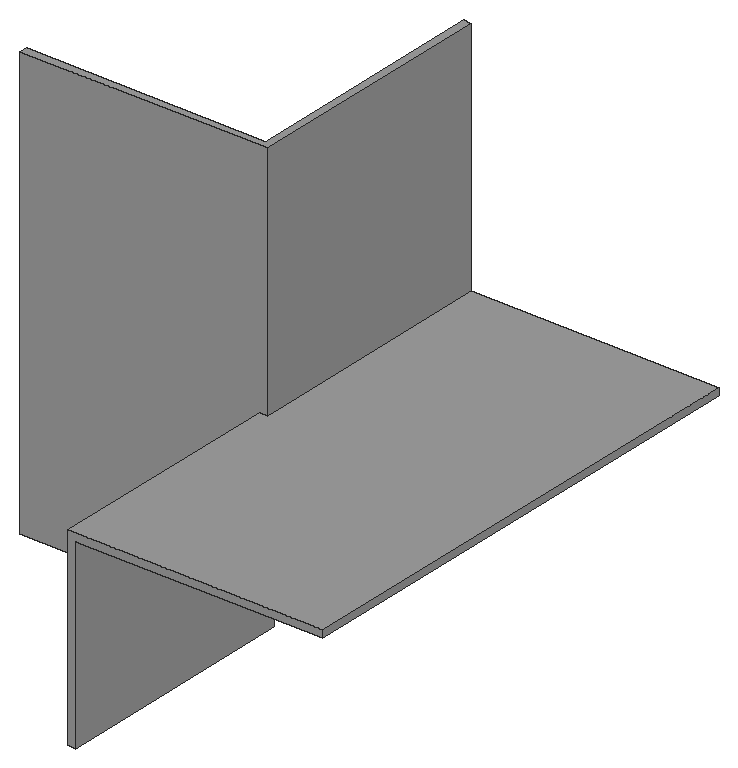
Revit family "Flashing_Preformed_Hyload_Type-WL1", category Generic Models, Revit 2013
Parameters (values of type "As Specified")
  Upper Height = 0' - 4"
  Unit Width = 1' - 0"
  Unit Height = 0' - 2"
  Unit Depth = 0' - 4"
  URL = "http://www.hyload.com/"
  Thickness = 0' - 0 1/16"
  Specification = "http://www.arcat.com/sdspecs/htm04/07_65_00hyl.htm"
  Sales Information = "http://www.hyload.com/contact-us"
  Revision = "R1_12-2015"
  Product Properties = "http://www.hyload.com/masonry-flashing/preformed-shapes/"
  Product Data = "http://www.arcat.com/arcatcos/cos33/arc33176.html"
  Model = "Type WL1"
  Manufacturer Website = "http://www.hyload.com/"
  Manufacturer Phone - Toll Free = "800-457-4056"
  Manufacturer Phone = "330-769-3546"
  Manufacturer Fax = "330-769-4153"
  Manufacturer Address = "5020 Panther Pkwy., Seville, OH 44273"
  Manufacturer = "Hyload"
  Lower Height = 0' - 1 1/2"
  Keynote = "07 65 00"
  Flashing Material = Hyload Flashing Membrane - Grey
  Drawn By = "Robert S. Weygant / Sumex Design"
  Description = "Preformed Hyload Masonry Flashing - Type WL1"
  Copyright = "(c) ARCAT, Inc, 2015"
  Construction Details = "http://www.arcat.com/details/hyload/hyload.html?coid=33176"
  Assembly Code = "B3010400"
Reference planes (in)
  plane 1 "Center (Front/Back)": y = 0
  plane 2: z = 0
  plane 3 "Center (Left/Right)": x = 0
  plane 4 "Back": y = 2
  plane 5: x = 2
  plane 6 "WinPlane": z = -1.5
  plane 7: x = 22
  plane 8 "Front": y = -2
  plane 9: z = 2
  plane 10: x = -2
Forms (in)
  Extrusion 1, solid, material "Hyload Flashing Membrane - Grey" <- "Flashing Material"
    sketch origin (0, 0, 0) x (1, 0, 0) y (0, 0, 1)
      loop
        line (0, 0) -> (2, 0) -> (2, 0.0625) -> (-0.0625, 0.0625) -> (-0.0625, -1.5) -> (0, -1.5) -> (0, 0)
    from 0 to 2
  Extrusion 2, solid, material "Hyload Flashing Membrane - Grey" <- "Flashing Material"
    sketch origin (0, 2, 0) x (-1, 0, 0) y (0, 0, 1)
      loop
        line (0, 0.0625) -> (-2, 0.0625) -> (-2, 0) -> (0.0625, 0) -> (0.0625, 2) -> (0, 2) -> (0, 0.0625)
    from -2 to 0
  Extrusion 3, solid, material "Hyload Flashing Membrane - Grey" <- "Flashing Material"
    sketch origin (0, 0, 0) x (1, 0, 0) y (0, 0, 1)
      loop
        line (-2, 2) -> (-2, -1.5) -> (0, -1.5) -> (0, 2) -> (-2, 2)
    from 0 to 0.0625 <- "Thickness"
Cuts and joins
  joined: Extrusion 1, Extrusion 2, Extrusion 3
Dimensions and locks (in)
  "Unit Depth": plane 4 "Back" to plane 8 "Front"
  locked: plane 8 "Front" to plane 1 "Center (Front/Back)" at 2
  plane 10 to plane 3 "Center (Left/Right)" = 0' - 2"
  locked: plane 3 "Center (Left/Right)" to plane 5 at 2
  "Lower Height": level to plane 6 "WinPlane"
  "Unit Height": plane 9 to level
  "Thickness": plane 3 "Center (Left/Right)" to Extrusion 1 sketch curve
  "Thickness": Extrusion 1 sketch curve to level
  "Thickness": Extrusion 2 sketch curve to level
  "Thickness": plane 3 "Center (Left/Right)" to Extrusion 2 sketch curve
  aligned and locked: plane 2 to level
  aligned and locked: level to Extrusion 1 sketch curve
  aligned and locked: Extrusion 1 sketch curve to plane 3 "Center (Left/Right)"
  aligned and locked: Extrusion 1 sketch curve to plane 5
  aligned and locked: plane 6 "WinPlane" to Extrusion 1 sketch curve
  aligned and locked: Extrusion 1 to plane 8 "Front"
  aligned and locked: Extrusion 1 to plane 1 "Center (Front/Back)"
  aligned and locked: plane 1 "Center (Front/Back)" to Extrusion 2
  aligned and locked: plane 4 "Back" to Extrusion 2
  aligned and locked: Extrusion 2 sketch curve to plane 9
  aligned and locked: Extrusion 2 sketch curve to plane 5
  aligned and locked: level to Extrusion 2 sketch curve
  aligned and locked: plane 3 "Center (Left/Right)" to Extrusion 2 sketch curve
  aligned and locked: Extrusion 3 sketch curve to plane 9
  aligned and locked: plane 10 to Extrusion 3 sketch curve
  aligned and locked: Extrusion 3 sketch curve to Extrusion 1  (x2)
  aligned and locked: Extrusion 3 to plane 1 "Center (Front/Back)"
